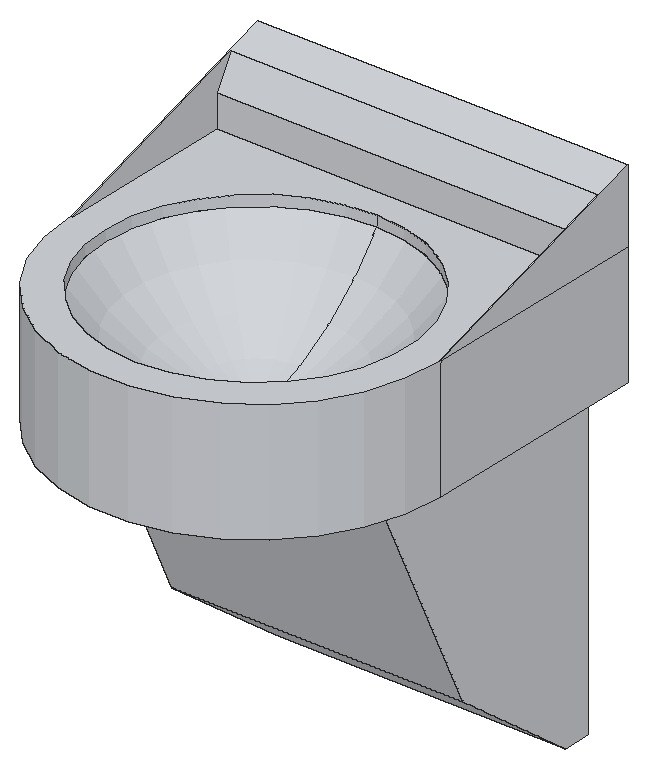
Revit family "Lavatory-Willoughby-ASWLDR-1922", category Plumbing Fixtures, Revit 2015
Parameters
  URL = "https://www.willoughby-ind.com/wp-content/uploads/2018/01/ASWLDR-1922.pdf"
  Rrevision = "A"
  Model = "ASWLDR-1922"
  Manufacturer = "Willoughby Industries"
  Description = "Single Station Ligature-resistant, Stainless Steel, Behavioral Healthcare Lavatory"
  Contact Info = "(800) 428-4065"
Reference planes (in)
  plane 1 "Center (Front/Back)": y = 0
  plane 2: z = 0
  plane 3 "Center (Left/Right)": x = 0
Forms (in)
  Extrusion 1, solid
    sketch origin (0, -18, 0) x (0, 1, 0) y (0, 0, 1)
      loop
        line (18, 10.5625) -> (18, 27.5625) -> (4.875, 27.5625) -> (4.875, 26.4375) -> (9.9375, 15.625) -> (16.5625, 10.5625) -> (18, 10.5625)
    from -7.46875 to 7.46875
  Extrusion 2, solid
    sketch origin (0, -18, 0) x (1, 0, 0) y (0, 1, 0)
      loop
        arc (-9.5, 6) -> (0, -3.5) -> (9.5, 6) r 9.5
        line (9.5, 6) -> (9.5, 18) -> (-9.5, 18) -> (-9.5, 6)
    from 27.5 to 33.75
  Extrusion 3, solid
    sketch origin (0, -18, 0) x (0, 1, 0) y (0, 0, 1)
      loop
        line (18, 33.75) -> (18, 37.5) -> (6, 33.75) -> (18, 33.75)
    from -9.5 to 9.5
  Extrusion 4, void
    sketch origin (0, -18, 0) x (0, 1, 0) y (0, 0, 1)
      loop
        line (15.25, 33.75) -> (15.25, 35.375) -> (16.14157, 36.91924) -> (6, 33.75) -> (15.25, 33.75)
    from -9.4375 to 9.4375
  Revolve 5, void
    sketch origin (0, -18, 0) x (0, 1, 0) y (0, 0, 1)
      loop
        line (-1.75, 33.75) -> (-1.75, 33.1875)
        arc (-1.75, 33.1875) -> (1.32292, 30.06495) -> (5.28125, 28.1875) r 12.5625
        line (5.28125, 28.1875) -> (6, 28.1875) -> (6, 33.75) -> (-1.75, 33.75)
      axis (6, 33.75) -> (6, 28.1875)
    angle from 0 to 360
  Extrusion 6, solid
    sketch origin (0, 0, 0) x (1, 0, 0) y (0, 0, 1)
      loop
        circle (-2, 14.25) r 0.25
      loop
        circle (2, 14.25) r 0.25
      loop
        circle (-3, 23) r 0.75
    from -0.25 to 2
Cuts and joins
  Extrusion 4, Revolve 5 cuts Extrusion 2
  Extrusion 4 cuts Extrusion 3
Dimensions and locks (in)
  aligned and locked: level to plane 2
  aligned and locked: Extrusion 3 to Extrusion 4 sketch curve  (x2)
  aligned and locked: Revolve 5 sketch curve to Revolve 5 sketch curve  (x2)
Connectors (in)
  piping at (2, 0.25, 14.25), diameter 0.5
    settings: on Extrusion 6, index 1, connector inside diameter 24", connector length 0' - 0", flow factor 0, pipe flow 0 GPM, pressure drop 0.00 psi, fitting loss kfactor 0, connector angle 0.00°, fixture units 0, engagement length 0' - 0", angle of deflection 0.00°, flow configuration 0, flow direction 0, fitting loss method 0, system type 19, joint type 0, gender type 0, connector reference index -1, connector utility 0, adjustable connector no, is connector primary yes, connector description ""
  piping at (-2, 0.25, 14.25), diameter 0.5
    settings: on Extrusion 6, index 2, connector inside diameter 24", connector length 0' - 0", flow factor 0, pipe flow 0 GPM, pressure drop 0.00 psi, fitting loss kfactor 0, connector angle 0.00°, fixture units 0, engagement length 0' - 0", angle of deflection 0.00°, flow configuration 0, flow direction 0, fitting loss method 0, system type 7, joint type 0, gender type 0, connector reference index -1, connector utility 0, adjustable connector no, is connector primary no, connector description ""
  piping at (-3, 0.25, 23), diameter 1.5
    settings: on Extrusion 6, index 3, connector inside diameter 24", connector length 0' - 0", flow factor 0, pipe flow 0 GPM, pressure drop 0.00 psi, fitting loss kfactor 0, connector angle 0.00°, fixture units 0, engagement length 0' - 0", angle of deflection 0.00°, flow configuration 0, flow direction 0, fitting loss method 0, system type 7, joint type 0, gender type 0, connector reference index -1, connector utility 0, adjustable connector no, is connector primary no, connector description ""
